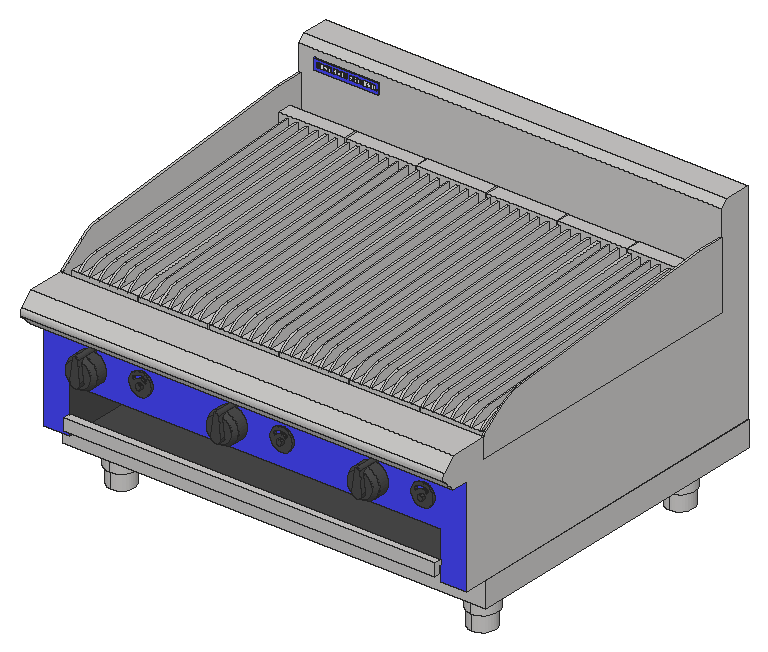
Revit family "QF_MOFFAT_BLUESEAL_CE_G596-B", category Specialty Equipment, Revit 2012
Parameters
  Weight in Pounds = 391  # constant formula
  URL Cutsheet = "www.moffat.com"
  URL = "www.moffat.com"
  Type Mark [instance] = ""
  Status [instance] = ""
  Specification by User [instance] = ""
  Specification by Manufacturer = ""
  Show Logo [instance] = yes
  Show Casters [instance] = yes
  Serial Number = ""
  Seismic Rating = ""
  SMACNA No = ""
  Revision Code [instance] = ""
  Omniclass Number and Title = ""
  NAFEM Spec ID Number = ""
  Model = "G596-B"
  Mechanical Remarks [instance] = ""
  Mechanical Connection Type [instance] = ""
  Masterspec = ""
  Manufacturer = "MOFFAT BLUESEAL"
  Legs [instance] = not(Show Casters)  # no
  Item Number [instance] = ""
  Installed By [instance] = ""
  Identify Quantity as Lot [instance] = yes
  Gas Size = 3/4"
  Gas RI Height [instance] = 0 mm
  Gas KW [instance] = 29.6
  Gas Input [instance] = 101000.0 Btu/h
  Gas Connection Height = 0 mm
  Furnished By [instance] = ""
  Foodservice Equipment Identifier [instance] = yes
  Description = "900MM GAS CHARGRILL BENCH MOUNT"
  CSI MasterFormat = ""
  CSI Master Format = ""
  Body Finish = QF_Finishes_Stainless Steel
Reference planes
  plane 1 "BACK": y = 0
  plane 2: z = 0
  plane 3 "LEFT": x = 0
  plane 4 "RIGHT": x = 900
  plane 5 "FRONT": y = -812
  plane 6 "TOP": z = 972
  plane 7 "Center Y": x = 450
  plane 8 "Center X": y = -406
  plane 9: y = -100
  plane 10: y = -625
  plane 11: z = 585
  plane 12: x = 65.5
  plane 13: x = 834.5
Forms (mm)
  Extrusion 1, solid, material "QF_Finishes_Stainless Steel" <- "Body Finish"
    sketch origin (0, 0, -500) x (0, 1, 0) y (0, 0, 1)
      loop
        line (0, 640) -> (0, 1085) -> (-57.5, 1085) -> (-70, 1072.5) -> (-70, 875) -> (-705, 875) -> (-705, 915) -> (-783.97, 915) -> (-808.485, 890.485)
        arc (-808.485, 890.485) -> (-811.999, 882) -> (-808.485, 873.515) r 12
        line (-808.485, 873.515) -> (-784.97, 850) -> (-749, 850) -> (-749, 640) -> (0, 640)
      loop
        line (0, 585) -> (0, 639.206) -> (-699, 639.206) -> (-699, 585) -> (0, 585)
    from 0 to 900
  Extrusion 2, solid, material "QF_Finishes_Stainless Steel" <- "Body Finish"
    sketch origin (0, 0, -342.612) x (0, 1, 0) y (0, 0, 1)
      loop
        line (-70, 717) -> (-70, 860.112) -> (-127.045, 860.112) -> (-604.53, 814.135)
        arc (-604.53, 814.135) -> (-629.557, 808.415) -> (-652.303, 796.511) r 100
        line (-652.303, 796.511) -> (-705, 759.612) -> (-705, 717) -> (-70, 717)
    from 0 to 4.5
  Extrusion 3, solid, material "QF_Finishes_Stainless Steel" <- "Body Finish"
    sketch origin (900, 0, 0) x (0, -1, 0) y (0, 0, 1)
      loop
        line (70, 374.388) -> (705, 374.388) -> (705, 417) -> (652.303, 453.899)
        arc (652.303, 453.899) -> (629.557, 465.803) -> (604.53, 471.523) r 100
        line (604.53, 471.523) -> (127.045, 517.5) -> (70, 517.5) -> (70, 374.388)
    from 0 to 3
  Revolve 4, solid, material "QF_Finishes_Black"
    sketch origin (108, 7, -344.2) x (0, 1, 0) y (0, 0, 1)
      loop
        line (-789, 671.5) -> (-800, 665.651) -> (-800, 639) -> (-756, 639) -> (-756, 644) -> (-766, 644) -> (-766, 671.5) -> (-789, 671.5)
      axis (-800, 639) -> (-756, 639)
    angle from 0 to 360
  Extrusion 5, solid, material "QF_Finishes_Black"
    sketch origin (-30.113, 7, -344.2) x (1, 0, 0) y (0, 0, 1)
      loop
        line (148.532, 628.195) -> (143.111, 671.113)
        arc (143.111, 671.113) -> (138.113, 676) -> (133.114, 671.113) r 5
        line (133.114, 671.113) -> (127.625, 627.028)
        arc (127.625, 627.028) -> (138.697, 616.529) -> (148.532, 628.195) r 10.487
    from 759 to 808
  Extrusion 6, solid, material "QF_Finishes_Stainless Steel"
    sketch origin (276, 0, -342) x (0, 1, 0) y (0, 0, 1)
      loop
        line (-132, 752.364) -> (-132, 804.849) -> (-637.852, 774.53)
        arc (-637.852, 774.53) -> (-663.098, 767.97) -> (-684, 752.364) r 67.81
        line (-684, 752.364) -> (-132, 752.364)
    from 0 to 4.5
  Extrusion 7, solid, material "QF_Finishes_Stainless Steel"
    sketch origin (255, 0, -342) x (0, 1, 0) y (0, 0, 1)
      loop
        line (-132, 752.364) -> (-132, 804.849) -> (-637.852, 774.53)
        arc (-637.852, 774.53) -> (-663.098, 767.97) -> (-684, 752.364) r 67.81
        line (-684, 752.364) -> (-132, 752.364)
    from 0 to 4.5
  Extrusion 8, solid, material "QF_Finishes_Stainless Steel"
    sketch origin (234, 0, -342) x (0, 1, 0) y (0, 0, 1)
      loop
        line (-132, 752.364) -> (-132, 804.849) -> (-637.852, 774.53)
        arc (-637.852, 774.53) -> (-663.098, 767.97) -> (-684, 752.364) r 67.81
        line (-684, 752.364) -> (-132, 752.364)
    from 0 to 4.5
  Extrusion 9, solid, material "QF_Finishes_Stainless Steel"
    sketch origin (213, 0, -342) x (0, 1, 0) y (0, 0, 1)
      loop
        line (-132, 752.364) -> (-132, 804.849) -> (-637.852, 774.53)
        arc (-637.852, 774.53) -> (-663.098, 767.97) -> (-684, 752.364) r 67.81
        line (-684, 752.364) -> (-132, 752.364)
    from 0 to 4.5
  Extrusion 10, solid, material "QF_Finishes_Stainless Steel"
    sketch origin (192, 0, -342) x (0, 1, 0) y (0, 0, 1)
      loop
        line (-132, 752.364) -> (-132, 804.849) -> (-637.852, 774.53)
        arc (-637.852, 774.53) -> (-663.098, 767.97) -> (-684, 752.364) r 67.81
        line (-684, 752.364) -> (-132, 752.364)
    from 0 to 4.5
  Extrusion 11, solid, material "QF_Finishes_Stainless Steel"
    sketch origin (171, 0, -342) x (0, 1, 0) y (0, 0, 1)
      loop
        line (-132, 752.364) -> (-132, 804.849) -> (-637.852, 774.53)
        arc (-637.852, 774.53) -> (-663.098, 767.97) -> (-684, 752.364) r 67.81
        line (-684, 752.364) -> (-132, 752.364)
    from 0 to 4.5
  Extrusion 12, solid, material "QF_Finishes_Stainless Steel"
    sketch origin (150, 0, -342) x (0, 1, 0) y (0, 0, 1)
      loop
        line (-132, 752.364) -> (-132, 804.849) -> (-637.852, 774.53)
        arc (-637.852, 774.53) -> (-663.098, 767.97) -> (-684, 752.364) r 67.81
        line (-684, 752.364) -> (-132, 752.364)
    from 0 to 4.5
  Extrusion 13, solid, material "QF_Finishes_Stainless Steel"
    sketch origin (126, 0, -342) x (0, 1, 0) y (0, 0, 1)
      loop
        line (-132, 752.364) -> (-132, 804.849) -> (-637.852, 774.53)
        arc (-637.852, 774.53) -> (-663.098, 767.97) -> (-684, 752.364) r 67.81
        line (-684, 752.364) -> (-132, 752.364)
    from 0 to 4.5
  Extrusion 14, solid, material "QF_Finishes_Stainless Steel"
    sketch origin (105, 0, -342) x (0, 1, 0) y (0, 0, 1)
      loop
        line (-132, 752.364) -> (-132, 804.849) -> (-637.852, 774.53)
        arc (-637.852, 774.53) -> (-663.098, 767.97) -> (-684, 752.364) r 67.81
        line (-684, 752.364) -> (-132, 752.364)
    from 0 to 4.5
  Extrusion 15, solid, material "QF_Finishes_Stainless Steel"
    sketch origin (84, 0, -342) x (0, 1, 0) y (0, 0, 1)
      loop
        line (-132, 752.364) -> (-132, 804.849) -> (-637.852, 774.53)
        arc (-637.852, 774.53) -> (-663.098, 767.97) -> (-684, 752.364) r 67.81
        line (-684, 752.364) -> (-132, 752.364)
    from 0 to 4.5
  Extrusion 16, solid, material "QF_Finishes_Stainless Steel"
    sketch origin (63, 0, -342) x (0, 1, 0) y (0, 0, 1)
      loop
        line (-132, 752.364) -> (-132, 804.849) -> (-637.852, 774.53)
        arc (-637.852, 774.53) -> (-663.098, 767.97) -> (-684, 752.364) r 67.81
        line (-684, 752.364) -> (-132, 752.364)
    from 0 to 4.5
  Extrusion 17, solid, material "QF_Finishes_Stainless Steel"
    sketch origin (42, 0, -342) x (0, 1, 0) y (0, 0, 1)
      loop
        line (-132, 752.364) -> (-132, 804.849) -> (-637.852, 774.53)
        arc (-637.852, 774.53) -> (-663.098, 767.97) -> (-684, 752.364) r 67.81
        line (-684, 752.364) -> (-132, 752.364)
    from 0 to 4.5
  Extrusion 18, solid, material "QF_Finishes_Stainless Steel"
    sketch origin (21, 0, -342) x (0, 1, 0) y (0, 0, 1)
      loop
        line (-132, 752.364) -> (-132, 804.849) -> (-637.852, 774.53)
        arc (-637.852, 774.53) -> (-663.098, 767.97) -> (-684, 752.364) r 67.81
        line (-684, 752.364) -> (-132, 752.364)
    from 0 to 4.5
  Extrusion 19, solid, material "QF_Finishes_Stainless Steel"
    sketch origin (426, 0, -342) x (0, 1, 0) y (0, 0, 1)
      loop
        line (-132, 752.364) -> (-132, 804.849) -> (-637.852, 774.53)
        arc (-637.852, 774.53) -> (-663.098, 767.97) -> (-684, 752.364) r 67.81
        line (-684, 752.364) -> (-132, 752.364)
    from 0 to 4.5
  Extrusion 20, solid, material "QF_Finishes_Stainless Steel"
    sketch origin (405, 0, -342) x (0, 1, 0) y (0, 0, 1)
      loop
        line (-132, 752.364) -> (-132, 804.849) -> (-637.852, 774.53)
        arc (-637.852, 774.53) -> (-663.098, 767.97) -> (-684, 752.364) r 67.81
        line (-684, 752.364) -> (-132, 752.364)
    from 0 to 4.5
  Extrusion 21, solid, material "QF_Finishes_Stainless Steel"
    sketch origin (384, 0, -342) x (0, 1, 0) y (0, 0, 1)
      loop
        line (-132, 752.364) -> (-132, 804.849) -> (-637.852, 774.53)
        arc (-637.852, 774.53) -> (-663.098, 767.97) -> (-684, 752.364) r 67.81
        line (-684, 752.364) -> (-132, 752.364)
    from 0 to 4.5
  Extrusion 22, solid, material "QF_Finishes_Stainless Steel"
    sketch origin (363, 0, -342) x (0, 1, 0) y (0, 0, 1)
      loop
        line (-132, 752.364) -> (-132, 804.849) -> (-637.852, 774.53)
        arc (-637.852, 774.53) -> (-663.098, 767.97) -> (-684, 752.364) r 67.81
        line (-684, 752.364) -> (-132, 752.364)
    from 0 to 4.5
  Extrusion 23, solid, material "QF_Finishes_Stainless Steel"
    sketch origin (342, 0, -342) x (0, 1, 0) y (0, 0, 1)
      loop
        line (-132, 752.364) -> (-132, 804.849) -> (-637.852, 774.53)
        arc (-637.852, 774.53) -> (-663.098, 767.97) -> (-684, 752.364) r 67.81
        line (-684, 752.364) -> (-132, 752.364)
    from 0 to 4.5
  Extrusion 24, solid, material "QF_Finishes_Stainless Steel"
    sketch origin (321, 0, -342) x (0, 1, 0) y (0, 0, 1)
      loop
        line (-132, 752.364) -> (-132, 804.849) -> (-637.852, 774.53)
        arc (-637.852, 774.53) -> (-663.098, 767.97) -> (-684, 752.364) r 67.81
        line (-684, 752.364) -> (-132, 752.364)
    from 0 to 4.5
  Extrusion 25, solid, material "QF_Finishes_Stainless Steel"
    sketch origin (300, 0, -342) x (0, 1, 0) y (0, 0, 1)
      loop
        line (-132, 752.364) -> (-132, 804.849) -> (-637.852, 774.53)
        arc (-637.852, 774.53) -> (-663.098, 767.97) -> (-684, 752.364) r 67.81
        line (-684, 752.364) -> (-132, 752.364)
    from 0 to 4.5
  Extrusion 26, solid, material "QF_Finishes_Stainless Steel"
    sketch origin (576, 0, -342) x (0, 1, 0) y (0, 0, 1)
      loop
        line (-132, 752.364) -> (-132, 804.849) -> (-637.852, 774.53)
        arc (-637.852, 774.53) -> (-663.098, 767.97) -> (-684, 752.364) r 67.81
        line (-684, 752.364) -> (-132, 752.364)
    from 0 to 4.5
  Extrusion 27, solid, material "QF_Finishes_Stainless Steel"
    sketch origin (555, 0, -342) x (0, 1, 0) y (0, 0, 1)
      loop
        line (-132, 752.364) -> (-132, 804.849) -> (-637.852, 774.53)
        arc (-637.852, 774.53) -> (-663.098, 767.97) -> (-684, 752.364) r 67.81
        line (-684, 752.364) -> (-132, 752.364)
    from 0 to 4.5
  Extrusion 28, solid, material "QF_Finishes_Stainless Steel"
    sketch origin (534, 0, -342) x (0, 1, 0) y (0, 0, 1)
      loop
        line (-132, 752.364) -> (-132, 804.849) -> (-637.852, 774.53)
        arc (-637.852, 774.53) -> (-663.098, 767.97) -> (-684, 752.364) r 67.81
        line (-684, 752.364) -> (-132, 752.364)
    from 0 to 4.5
  Extrusion 29, solid, material "QF_Finishes_Stainless Steel"
    sketch origin (513, 0, -342) x (0, 1, 0) y (0, 0, 1)
      loop
        line (-132, 752.364) -> (-132, 804.849) -> (-637.852, 774.53)
        arc (-637.852, 774.53) -> (-663.098, 767.97) -> (-684, 752.364) r 67.81
        line (-684, 752.364) -> (-132, 752.364)
    from 0 to 4.5
  Extrusion 30, solid, material "QF_Finishes_Stainless Steel"
    sketch origin (492, 0, -342) x (0, 1, 0) y (0, 0, 1)
      loop
        line (-132, 752.364) -> (-132, 804.849) -> (-637.852, 774.53)
        arc (-637.852, 774.53) -> (-663.098, 767.97) -> (-684, 752.364) r 67.81
        line (-684, 752.364) -> (-132, 752.364)
    from 0 to 4.5
  Extrusion 31, solid, material "QF_Finishes_Stainless Steel"
    sketch origin (471, 0, -342) x (0, 1, 0) y (0, 0, 1)
      loop
        line (-132, 752.364) -> (-132, 804.849) -> (-637.852, 774.53)
        arc (-637.852, 774.53) -> (-663.098, 767.97) -> (-684, 752.364) r 67.81
        line (-684, 752.364) -> (-132, 752.364)
    from 0 to 4.5
  Extrusion 32, solid, material "QF_Finishes_Stainless Steel"
    sketch origin (450, 0, -342) x (0, 1, 0) y (0, 0, 1)
      loop
        line (-132, 752.364) -> (-132, 804.849) -> (-637.852, 774.53)
        arc (-637.852, 774.53) -> (-663.098, 767.97) -> (-684, 752.364) r 67.81
        line (-684, 752.364) -> (-132, 752.364)
    from 0 to 4.5
  Extrusion 33, solid, material "QF_Finishes_Stainless Steel"
    sketch origin (0, 3, -500) x (1, 0, 0) y (0, 1, 0)
      loop
        circle (216, -37) r 13.5
    from 553 to 585
  Extrusion 34, solid, material "QF_Finishes_Stainless Steel"
    sketch origin (0, 0, -342) x (0, 1, 0) y (0, 0, 1)
      loop
        line (-132, 752.364) -> (-684, 752.364) -> (-684, 717) -> (-102, 717) -> (-102, 812) -> (-132, 812) -> (-132, 752.364)
    from 4.5 to 147
  Extrusion 35, solid, material "QF_Finishes_Stainless Steel"
    sketch origin (145.5, 0, -342) x (0, 1, 0) y (0, 0, 1)
      loop
        line (-132, 752.364) -> (-684, 752.364) -> (-684, 717) -> (-102, 717) -> (-102, 812) -> (-132, 812) -> (-132, 752.364)
    from 4.5 to 151.5
  Extrusion 36, solid, material "QF_Finishes_Stainless Steel"
    sketch origin (295.5, 0, -342) x (0, 1, 0) y (0, 0, 1)
      loop
        line (-132, 752.364) -> (-684, 752.364) -> (-684, 717) -> (-102, 717) -> (-102, 812) -> (-132, 812) -> (-132, 752.364)
    from 4.5 to 151.5
  Extrusion 37, solid, material "QF_Finishes_Stainless Steel"
    sketch origin (445.5, 0, -342) x (0, 1, 0) y (0, 0, 1)
      loop
        line (-132, 752.364) -> (-684, 752.364) -> (-684, 717) -> (-102, 717) -> (-102, 812) -> (-132, 812) -> (-132, 752.364)
    from 4.5 to 151.5
  Extrusion 38, solid, material "QF_Finishes_Black"
    sketch origin (0, -749, 350) x (0, 0, -1) y (1, 0, 0)
      loop
        circle (55.799, 208) r 23.9
      loop
        arc (48.44, 216.419) -> (49.3, 221.219) -> (44.5, 222.079) r 3.448
        arc (44.5, 222.079) -> (37.915, 207.341) -> (45.718, 193.209) r 18.095
        arc (45.718, 193.209) -> (50.44, 194.491) -> (49.125, 199.204) r 3.448
        arc (49.125, 199.204) -> (45.557, 207.683) -> (48.44, 216.419) r 13.109
      loop
        circle (55.799, 808) r 23.9
      loop
        arc (44.5, 822.079) -> (37.915, 807.341) -> (45.718, 793.209) r 18.095
        arc (45.718, 793.209) -> (50.44, 794.491) -> (49.125, 799.204) r 3.448
        arc (49.125, 799.204) -> (45.557, 807.683) -> (48.44, 816.419) r 13.109
        arc (48.44, 816.419) -> (49.3, 821.219) -> (44.5, 822.079) r 3.448
      loop
        circle (55.799, 508) r 23.9
      loop
        arc (44.5, 522.079) -> (37.915, 507.341) -> (45.718, 493.209) r 18.095
        arc (45.718, 493.209) -> (50.44, 494.491) -> (49.125, 499.204) r 3.448
        arc (49.125, 499.204) -> (45.557, 507.683) -> (48.44, 516.419) r 13.109
        arc (48.44, 516.419) -> (49.3, 521.219) -> (44.5, 522.079) r 3.448
    from 0 to 4
  Extrusion 39, solid, material "QF_Finishes_Black"
    sketch origin (0, -753, 350) x (0, 0, -1) y (1, 0, 0)
      loop
        circle (59.299, 208) r 5.75
      loop
        circle (59.299, 508) r 5.75
      loop
        circle (59.299, 808) r 5.75
    from 0 to 5
  Revolve 40, solid, material "QF_Finishes_Black"
    sketch origin (408, 7, -344.2) x (0, 1, 0) y (0, 0, 1)
      loop
        line (-789, 671.5) -> (-800, 665.651) -> (-800, 639) -> (-756, 639) -> (-756, 644) -> (-766, 644) -> (-766, 671.5) -> (-789, 671.5)
      axis (-800, 639) -> (-756, 639)
    angle from 0 to 360
  Extrusion 41, solid, material "QF_Finishes_Black"
    sketch origin (269.887, 7, -344.2) x (1, 0, 0) y (0, 0, 1)
      loop
        line (148.532, 628.195) -> (143.111, 671.113)
        arc (143.111, 671.113) -> (138.113, 676) -> (133.114, 671.113) r 5
        line (133.114, 671.113) -> (127.625, 627.028)
        arc (127.625, 627.028) -> (138.697, 616.529) -> (148.532, 628.195) r 10.487
    from 759 to 808
  Extrusion 42, void
    sketch origin (0, -749, 350) x (0, 0, 1) y (1, 0, 0)
      loop
        line (-210, 845) -> (-210, 55) -> (-110, 55) -> (-110, 845) -> (-210, 845)
    from 0 to 250
  Extrusion 43, solid, material "QF_Finishes_Stainless Steel"
    sketch origin (55, -749, 140) x (0, 0, 1) y (0, -1, 0)
      loop
        line (16.797, 15.924) -> (16.797, 5.924) -> (31.797, 5.924) -> (31.797, -31.346) -> (0, -31.346) -> (0, -50) -> (41.797, -50) -> (41.797, 15.924) -> (16.797, 15.924)
    from 0 to 790
  Revolve 44, solid, material "QF_Finishes_Stainless Steel" <- "Body Finish"
    sketch origin (834.5, -735, 0) x (0, 1, 0) y (0, 0, -1)
      loop
        line (78.25, -85) -> (110, -85) -> (110, 0) -> (82.5, 0) -> (82.5, -35) -> (78.25, -35) -> (78.25, -85)
      axis (110, -85) -> (110, 0)
    angle from 0 to 360
  Revolve 45, solid, material "QF_Finishes_Stainless Steel" <- "Body Finish"
    sketch origin (834.5, -210, 0) x (0, 1, 0) y (0, 0, -1)
      loop
        line (78.25, -85) -> (110, -85) -> (110, 0) -> (82.5, 0) -> (82.5, -35) -> (78.25, -35) -> (78.25, -85)
      axis (110, -85) -> (110, 0)
    angle from 0 to 360
  Revolve 46, solid, material "QF_Finishes_Stainless Steel" <- "Body Finish"
    sketch origin (65.5, -735, 0) x (0, 1, 0) y (0, 0, 1)
      loop
        line (78.25, 85) -> (78.25, 35) -> (82.5, 35) -> (82.5, 0) -> (110, 0) -> (110, 85) -> (78.25, 85)
      axis (110, 85) -> (110, 0)
    angle from 0 to 360
  Revolve 47, solid, material "QF_Finishes_Stainless Steel" <- "Body Finish"
    sketch origin (65.5, -210, 0) x (0, 1, 0) y (0, 0, 1)
      loop
        line (78.25, 85) -> (78.25, 35) -> (82.5, 35) -> (82.5, 0) -> (110, 0) -> (110, 85) -> (78.25, 85)
      axis (110, 85) -> (110, 0)
    angle from 0 to 360
  Extrusion 48, solid, material "QF_Finishes_Stainless Steel"
    sketch origin (726, 0, -342) x (0, 1, 0) y (0, 0, 1)
      loop
        line (-132, 752.364) -> (-132, 804.849) -> (-637.852, 774.53)
        arc (-637.852, 774.53) -> (-663.098, 767.97) -> (-684, 752.364) r 67.81
        line (-684, 752.364) -> (-132, 752.364)
    from 0 to 4.5
  Extrusion 49, solid, material "QF_Finishes_Stainless Steel"
    sketch origin (705, 0, -342) x (0, 1, 0) y (0, 0, 1)
      loop
        line (-132, 752.364) -> (-132, 804.849) -> (-637.852, 774.53)
        arc (-637.852, 774.53) -> (-663.098, 767.97) -> (-684, 752.364) r 67.81
        line (-684, 752.364) -> (-132, 752.364)
    from 0 to 4.5
  Extrusion 50, solid, material "QF_Finishes_Stainless Steel"
    sketch origin (684, 0, -342) x (0, 1, 0) y (0, 0, 1)
      loop
        line (-132, 752.364) -> (-132, 804.849) -> (-637.852, 774.53)
        arc (-637.852, 774.53) -> (-663.098, 767.97) -> (-684, 752.364) r 67.81
        line (-684, 752.364) -> (-132, 752.364)
    from 0 to 4.5
  Extrusion 51, solid, material "QF_Finishes_Stainless Steel"
    sketch origin (663, 0, -342) x (0, 1, 0) y (0, 0, 1)
      loop
        line (-132, 752.364) -> (-132, 804.849) -> (-637.852, 774.53)
        arc (-637.852, 774.53) -> (-663.098, 767.97) -> (-684, 752.364) r 67.81
        line (-684, 752.364) -> (-132, 752.364)
    from 0 to 4.5
  Extrusion 52, solid, material "QF_Finishes_Stainless Steel"
    sketch origin (642, 0, -342) x (0, 1, 0) y (0, 0, 1)
      loop
        line (-132, 752.364) -> (-132, 804.849) -> (-637.852, 774.53)
        arc (-637.852, 774.53) -> (-663.098, 767.97) -> (-684, 752.364) r 67.81
        line (-684, 752.364) -> (-132, 752.364)
    from 0 to 4.5
  Extrusion 53, solid, material "QF_Finishes_Stainless Steel"
    sketch origin (621, 0, -342) x (0, 1, 0) y (0, 0, 1)
      loop
        line (-132, 752.364) -> (-132, 804.849) -> (-637.852, 774.53)
        arc (-637.852, 774.53) -> (-663.098, 767.97) -> (-684, 752.364) r 67.81
        line (-684, 752.364) -> (-132, 752.364)
    from 0 to 4.5
  Extrusion 54, solid, material "QF_Finishes_Stainless Steel"
    sketch origin (600, 0, -342) x (0, 1, 0) y (0, 0, 1)
      loop
        line (-132, 752.364) -> (-132, 804.849) -> (-637.852, 774.53)
        arc (-637.852, 774.53) -> (-663.098, 767.97) -> (-684, 752.364) r 67.81
        line (-684, 752.364) -> (-132, 752.364)
    from 0 to 4.5
  Extrusion 55, solid, material "QF_Finishes_Stainless Steel"
    sketch origin (595.5, 0, -342) x (0, 1, 0) y (0, 0, 1)
      loop
        line (-132, 752.364) -> (-684, 752.364) -> (-684, 717) -> (-102, 717) -> (-102, 812) -> (-132, 812) -> (-132, 752.364)
    from 4.5 to 151.5
  Extrusion 56, solid, material "QF_Finishes_Stainless Steel"
    sketch origin (876, 0, -342) x (0, 1, 0) y (0, 0, 1)
      loop
        line (-132, 752.364) -> (-132, 804.849) -> (-637.852, 774.53)
        arc (-637.852, 774.53) -> (-663.098, 767.97) -> (-684, 752.364) r 67.81
        line (-684, 752.364) -> (-132, 752.364)
    from 0 to 4.5
  Extrusion 57, solid, material "QF_Finishes_Stainless Steel"
    sketch origin (855, 0, -342) x (0, 1, 0) y (0, 0, 1)
      loop
        line (-132, 752.364) -> (-132, 804.849) -> (-637.852, 774.53)
        arc (-637.852, 774.53) -> (-663.098, 767.97) -> (-684, 752.364) r 67.81
        line (-684, 752.364) -> (-132, 752.364)
    from 0 to 4.5
  Extrusion 58, solid, material "QF_Finishes_Stainless Steel"
    sketch origin (834, 0, -342) x (0, 1, 0) y (0, 0, 1)
      loop
        line (-132, 752.364) -> (-132, 804.849) -> (-637.852, 774.53)
        arc (-637.852, 774.53) -> (-663.098, 767.97) -> (-684, 752.364) r 67.81
        line (-684, 752.364) -> (-132, 752.364)
    from 0 to 4.5
  Extrusion 59, solid, material "QF_Finishes_Stainless Steel"
    sketch origin (813, 0, -342) x (0, 1, 0) y (0, 0, 1)
      loop
        line (-132, 752.364) -> (-132, 804.849) -> (-637.852, 774.53)
        arc (-637.852, 774.53) -> (-663.098, 767.97) -> (-684, 752.364) r 67.81
        line (-684, 752.364) -> (-132, 752.364)
    from 0 to 4.5
  Extrusion 60, solid, material "QF_Finishes_Stainless Steel"
    sketch origin (792, 0, -342) x (0, 1, 0) y (0, 0, 1)
      loop
        line (-132, 752.364) -> (-132, 804.849) -> (-637.852, 774.53)
        arc (-637.852, 774.53) -> (-663.098, 767.97) -> (-684, 752.364) r 67.81
        line (-684, 752.364) -> (-132, 752.364)
    from 0 to 4.5
  Extrusion 61, solid, material "QF_Finishes_Stainless Steel"
    sketch origin (771, 0, -342) x (0, 1, 0) y (0, 0, 1)
      loop
        line (-132, 752.364) -> (-132, 804.849) -> (-637.852, 774.53)
        arc (-637.852, 774.53) -> (-663.098, 767.97) -> (-684, 752.364) r 67.81
        line (-684, 752.364) -> (-132, 752.364)
    from 0 to 4.5
  Extrusion 62, solid, material "QF_Finishes_Stainless Steel"
    sketch origin (750, 0, -342) x (0, 1, 0) y (0, 0, 1)
      loop
        line (-132, 752.364) -> (-132, 804.849) -> (-637.852, 774.53)
        arc (-637.852, 774.53) -> (-663.098, 767.97) -> (-684, 752.364) r 67.81
        line (-684, 752.364) -> (-132, 752.364)
    from 0 to 4.5
  Extrusion 63, solid, material "QF_Finishes_Stainless Steel"
    sketch origin (745.5, 0, -342) x (0, 1, 0) y (0, 0, 1)
      loop
        line (-132, 752.364) -> (-684, 752.364) -> (-684, 717) -> (-102, 717) -> (-102, 812) -> (-132, 812) -> (-132, 752.364)
    from 4.5 to 151.5
  Extrusion 64, void
    sketch origin (0, -749, 350) x (0, 0, 1) y (1, 0, 0)
      loop
        line (-210, 845) -> (-210, 55) -> (-110, 55) -> (-110, 845) -> (-210, 845)
    from 0 to 250
  Revolve 65, solid, material "QF_Finishes_Black"
    sketch origin (708, 7, -344.2) x (0, 1, 0) y (0, 0, 1)
      loop
        line (-789, 671.5) -> (-800, 665.651) -> (-800, 639) -> (-756, 639) -> (-756, 644) -> (-766, 644) -> (-766, 671.5) -> (-789, 671.5)
      axis (-800, 639) -> (-756, 639)
    angle from 0 to 360
  Extrusion 66, solid, material "QF_Finishes_Black"
    sketch origin (569.887, 7, -344.2) x (1, 0, 0) y (0, 0, 1)
      loop
        line (148.532, 628.195) -> (143.111, 671.113)
        arc (143.111, 671.113) -> (138.113, 676) -> (133.114, 671.113) r 5
        line (133.114, 671.113) -> (127.625, 627.028)
        arc (127.625, 627.028) -> (138.697, 616.529) -> (148.532, 628.195) r 10.487
    from 759 to 808
Cuts and joins
  Extrusion 42, Extrusion 64 cuts Extrusion 43
  Extrusion 64 cuts Extrusion 1
Lines and regions (mm)
  Split face 1
    outline origin (600, 0, 585) x (-1, 0, 0) y (0, -1, 0)
      loop
        arc (556, 18.185) -> (564.66, 23.185) -> (564.66, 33.185) r 10
        line (564.66, 33.185) -> (560.619, 40.185)
        arc (560.619, 40.185) -> (556.959, 43.845) -> (551.959, 45.185) r 10
        line (551.959, 45.185) -> (324, 45.185)
        arc (324, 45.185) -> (315.34, 40.185) -> (315.34, 30.185) r 10
        line (315.34, 30.185) -> (319.381, 23.185)
        arc (319.381, 23.185) -> (323.041, 19.525) -> (328.041, 18.185) r 10
        line (328.041, 18.185) -> (556, 18.185)
  Split face 2
    outline origin (600, 0, 585) x (-1, 0, 0) y (0, -1, 0)
      loop
        arc (-44, 18.185) -> (-35.34, 23.185) -> (-35.34, 33.185) r 10
        line (-35.34, 33.185) -> (-39.381, 40.185)
        arc (-39.381, 40.185) -> (-43.041, 43.845) -> (-48.041, 45.185) r 10
        line (-48.041, 45.185) -> (-276, 45.185)
        arc (-276, 45.185) -> (-284.66, 40.185) -> (-284.66, 30.185) r 10
        line (-284.66, 30.185) -> (-280.619, 23.185)
        arc (-280.619, 23.185) -> (-276.959, 19.525) -> (-271.959, 18.185) r 10
        line (-271.959, 18.185) -> (-44, 18.185)
  Split face 3
    outline origin (892.021, 0, 585) x (-1, 0, 0) y (0, -1, 0)
      loop
        arc (556, 18.185) -> (564.66, 23.185) -> (564.66, 33.185) r 10
        line (564.66, 33.185) -> (560.619, 40.185)
        arc (560.619, 40.185) -> (556.959, 43.845) -> (551.959, 45.185) r 10
        line (551.959, 45.185) -> (324, 45.185)
        arc (324, 45.185) -> (315.34, 40.185) -> (315.34, 30.185) r 10
        line (315.34, 30.185) -> (319.381, 23.185)
        arc (319.381, 23.185) -> (323.041, 19.525) -> (328.041, 18.185) r 10
        line (328.041, 18.185) -> (556, 18.185)
  symbolic lines
    curve 1: line (0, 0, 0) -> (900, 0, 0)
    curve 2: line (0, -811.999, 0) -> (0, 0, 0)
    curve 3: line (900, -811.999, 0) -> (0, -811.999, 0)
    curve 4: line (900, 0, 0) -> (900, -811.999, 0)
    curve 5: line (336.021, -18.185, 0) -> (563.979, -18.185, 0)
    curve 6: arc (563.979, -18.185, 0) -> (568.979, -19.525, 0) -> (572.64, -23.185, 0) r 10
    curve 7: line (572.64, -23.185, 0) -> (576.681, -30.185, 0)
    curve 8: arc (576.681, -30.185, 0) -> (576.681, -40.185, 0) -> (568.021, -45.185, 0) r 10
    curve 9: line (568.021, -45.185, 0) -> (340.062, -45.185, 0)
    curve 10: arc (340.062, -45.185, 0) -> (335.062, -43.845, 0) -> (331.402, -40.185, 0) r 10
    curve 11: line (331.402, -40.185, 0) -> (327.36, -33.185, 0)
    curve 12: arc (327.36, -33.185, 0) -> (327.36, -23.185, 0) -> (336.021, -18.185, 0) r 10
    curve 13: line (871.959, -18.185, 0) -> (644, -18.185, 0)
    curve 14: arc (644, -18.185, 0) -> (635.34, -23.185, 0) -> (635.34, -33.185, 0) r 10
    curve 15: line (635.34, -33.185, 0) -> (639.381, -40.185, 0)
    curve 16: arc (639.381, -40.185, 0) -> (643.041, -43.845, 0) -> (648.041, -45.185, 0) r 10
    curve 17: line (648.041, -45.185, 0) -> (876, -45.185, 0)
    curve 18: arc (876, -45.185, 0) -> (884.66, -40.185, 0) -> (884.66, -30.185, 0) r 10
    curve 19: line (884.66, -30.185, 0) -> (880.619, -23.185, 0)
    curve 20: arc (880.619, -23.185, 0) -> (876.959, -19.525, 0) -> (871.959, -18.185, 0) r 10
    curve 21: line (271.959, -18.185, 0) -> (44, -18.185, 0)
    curve 22: arc (44, -18.185, 0) -> (35.34, -23.185, 0) -> (35.34, -33.185, 0) r 10
    curve 23: line (35.34, -33.185, 0) -> (39.381, -40.185, 0)
    curve 24: arc (39.381, -40.185, 0) -> (43.041, -43.845, 0) -> (48.041, -45.185, 0) r 10
    curve 25: line (48.041, -45.185, 0) -> (276, -45.185, 0)
    curve 26: arc (276, -45.185, 0) -> (284.66, -40.185, 0) -> (284.66, -30.185, 0) r 10
    curve 27: line (284.66, -30.185, 0) -> (280.619, -23.185, 0)
    curve 28: arc (280.619, -23.185, 0) -> (276.959, -19.525, 0) -> (271.959, -18.185, 0) r 10
    curve 29: line (0, -57.5, 0) -> (900, -57.5, 0)
    curve 30: line (0, -70, 0) -> (900, -70, 0)
    curve 31: line (900, -705, 0) -> (0, -705, 0)
    curve 32: line (0, -783.97, 0) -> (900, -783.97, 0)
    curve 33: line (4.5, -684, 0) -> (147, -684, 0)
    curve 34: line (150, -684, 0) -> (297, -684, 0)
    curve 35: line (300, -684, 0) -> (447, -684, 0)
    curve 36: line (450, -684, 0) -> (597, -684, 0)
    curve 37: line (600, -684, 0) -> (747, -684, 0)
    curve 38: line (750, -684, 0) -> (897, -684, 0)
    curve 39: line (897, -102, 0) -> (750, -102, 0)
    curve 40: line (747, -102, 0) -> (600, -102, 0)
    curve 41: line (897, -70, 0) -> (897, -705, 0)
    curve 42: line (4.5, -705, 0) -> (4.5, -70, 0)
    curve 43: line (147, -102, 0) -> (4.5, -102, 0)
    curve 44: line (297, -102, 0) -> (150, -102, 0)
    curve 45: line (447, -102, 0) -> (300, -102, 0)
    curve 46: line (597, -102, 0) -> (450, -102, 0)
    curve 47: line (147, -684, 0) -> (147, -102, 0)
    curve 48: line (150, -102, 0) -> (150, -684, 0)
    curve 49: line (297, -684, 0) -> (297, -102, 0)
    curve 50: line (300, -102, 0) -> (300, -684, 0)
    curve 51: line (447, -684, 0) -> (447, -102, 0)
    curve 52: line (450, -102, 0) -> (450, -684, 0)
    curve 53: line (597, -684, 0) -> (597, -102, 0)
    curve 54: line (600, -102, 0) -> (600, -684, 0)
    curve 55: line (747, -684, 0) -> (747, -102, 0)
    curve 56: line (750, -102, 0) -> (750, -684, 0)
    curve 57: line (21, -132, 0) -> (21, -684, 0)
    curve 58: line (42, -132, 0) -> (42, -684, 0)
    curve 59: line (63, -132, 0) -> (63, -684, 0)
    curve 60: line (84, -132, 0) -> (84, -684, 0)
    curve 61: line (105, -132, 0) -> (105, -684, 0)
    curve 62: line (126, -132, 0) -> (126, -684, 0)
    curve 63: line (154.5, -684, 0) -> (154.5, -132, 0)
    curve 64: line (175.5, -684, 0) -> (175.5, -132, 0)
    curve 65: line (196.5, -684, 0) -> (196.5, -132, 0)
    curve 66: line (217.5, -684, 0) -> (217.5, -132, 0)
    curve 67: line (238.5, -684, 0) -> (238.5, -132, 0)
    curve 68: line (259.5, -684, 0) -> (259.5, -132, 0)
    curve 69: line (280.5, -684, 0) -> (280.5, -132, 0)
    curve 70: line (304.5, -684, 0) -> (304.5, -132, 0)
    curve 71: line (325.5, -684, 0) -> (325.5, -132, 0)
    curve 72: line (346.5, -684, 0) -> (346.5, -132, 0)
    curve 73: line (367.5, -684, 0) -> (367.5, -132, 0)
    curve 74: line (388.5, -684, 0) -> (388.5, -132, 0)
    curve 75: line (409.5, -684, 0) -> (409.5, -132, 0)
    curve 76: line (430.5, -684, 0) -> (430.5, -132, 0)
    curve 77: line (454.5, -684, 0) -> (454.5, -132, 0)
    curve 78: line (475.5, -684, 0) -> (475.5, -132, 0)
    curve 79: line (496.5, -684, 0) -> (496.5, -132, 0)
    curve 80: line (517.5, -684, 0) -> (517.5, -132, 0)
    curve 81: line (538.5, -684, 0) -> (538.5, -132, 0)
    curve 82: line (559.5, -684, 0) -> (559.5, -132, 0)
    curve 83: line (580.5, -684, 0) -> (580.5, -132, 0)
    curve 84: line (604.5, -684, 0) -> (604.5, -132, 0)
    curve 85: line (625.5, -684, 0) -> (625.5, -132, 0)
    curve 86: line (646.5, -684, 0) -> (646.5, -132, 0)
    curve 87: line (667.5, -684, 0) -> (667.5, -132, 0)
    curve 88: line (688.5, -684, 0) -> (688.5, -132, 0)
    curve 89: line (709.5, -684, 0) -> (709.5, -132, 0)
    curve 90: line (730.5, -684, 0) -> (730.5, -132, 0)
    curve 91: line (754.5, -684, 0) -> (754.5, -132, 0)
    curve 92: line (775.5, -684, 0) -> (775.5, -132, 0)
    curve 93: line (796.5, -684, 0) -> (796.5, -132, 0)
    curve 94: line (817.5, -684, 0) -> (817.5, -132, 0)
    curve 95: line (838.5, -684, 0) -> (838.5, -132, 0)
    curve 96: line (859.5, -684, 0) -> (859.5, -132, 0)
    curve 97: line (880.5, -684, 0) -> (880.5, -132, 0)
    curve 98: line (750, -132, 0) -> (897, -132, 0)
    curve 99: line (600, -132, 0) -> (747, -132, 0)
    curve 100: line (450, -132, 0) -> (597, -132, 0)
    curve 101: line (150, -132, 0) -> (297, -132, 0)
    curve 102: line (4.5, -132, 0) -> (147, -132, 0)
    curve 103: line (300, -132, 0) -> (447, -132, 0)
Dimensions and locks
  equal spacing: plane 3 "LEFT", plane 7 "Center Y", plane 4 "RIGHT"
  plane 3 "LEFT" to plane 4 "RIGHT" = 900 mm
  equal spacing: plane 5 "FRONT", plane 8 "Center X", plane 1 "BACK"
  plane 5 "FRONT" to plane 1 "BACK" = 812 mm  (x2)
  equal spacing: plane 4 "RIGHT", plane 7 "Center Y", plane 3 "LEFT"
  plane 4 "RIGHT" to plane 3 "LEFT" = 900 mm
  locked: plane 11 to level at 585
  plane 12 to plane 13 = 769 mm
  plane 2 to Extrusion 33 = 53 mm
  Extrusion 33 sketch curve to plane 1 "BACK" = 34 mm
  plane 3 "LEFT" to Extrusion 33 sketch curve = 216 mm
  cut or joined group of Extrusion 1, Extrusion 64 to plane 2 = 415 mm
  plane 2 to cut or joined group of Extrusion 1, Extrusion 64 = 85 mm
  plane 11 to plane 2 = 585 mm
  plane 1 "BACK" to cut or joined group of Extrusion 1, Extrusion 64 = 70 mm
  plane 1 "BACK" to plane 5 "FRONT" = 812 mm
  plane 1 "BACK" to plane 9 = 100 mm
  plane 9 to plane 10 = 525 mm
  aligned and locked: level to plane 2
Automatic sketch dimensions
  Extrusion 1 sketch curve to plane 11 = 0 mm
  Extrusion 1 sketch curve to plane 1 "BACK" = 0 mm  (x2)
  Extrusion 1 sketch curve to plane 9 = 42.5 mm
  Extrusion 1 sketch curve to plane 9 = 30 mm
  plane 10 to Extrusion 1 sketch curve = 74 mm
  plane 10 to Extrusion 1 sketch curve = 80 mm
  Extrusion 1 sketch curve to Extrusion 1 sketch curve = 50 mm
  Extrusion 1 sketch curve to plane 5 "FRONT" = 28.03 mm
  Extrusion 1 sketch curve to plane 5 "FRONT" = 27.03 mm
  Extrusion 1 sketch curve to plane 5 "FRONT" = 12.001 mm
  Extrusion 1 sketch curve to plane 5 "FRONT" = 3.515 mm  (x2)
  Extrusion 1 sketch curve to plane 11 = 12.5 mm
  Extrusion 1 sketch curve to plane 11 = 170 mm
  Extrusion 1 sketch curve to Extrusion 1 sketch curve = 24.515 mm
  Extrusion 1 sketch curve to Extrusion 1 sketch curve = 8.485 mm
  Extrusion 1 sketch curve to Extrusion 1 sketch curve = 40 mm
  Extrusion 1 sketch curve to Extrusion 1 sketch curve = 25 mm
  level to Extrusion 1 sketch curve = 140 mm
  Extrusion 1 sketch curve to Extrusion 1 sketch curve = 0.794 mm
  Extrusion 1 sketch curve to Extrusion 1 sketch curve = 54.206 mm
  plane 10 to Extrusion 2 sketch curve = 80 mm
  plane 10 to Extrusion 2 sketch curve = 27.303 mm
  Extrusion 2 sketch curve to plane 10 = 20.47 mm
  Extrusion 2 sketch curve to plane 10 = 30.055 mm
  plane 9 to Extrusion 2 sketch curve = 27.045 mm
  Extrusion 2 sketch curve to plane 9 = 30 mm
  Extrusion 2 sketch curve to plane 11 = 213.016 mm
  Extrusion 2 sketch curve to Extrusion 2 sketch curve = 2.405 mm
  Extrusion 2 sketch curve to Extrusion 2 sketch curve = 42.612 mm
  Extrusion 2 sketch curve to Extrusion 2 sketch curve = 36.899 mm
  Extrusion 2 sketch curve to plane 11 = 67.5 mm
  Extrusion 3 sketch curve to plane 9 = 30 mm
  plane 9 to Extrusion 3 sketch curve = 27.045 mm
  Extrusion 3 sketch curve to plane 10 = 30.055 mm
  Extrusion 3 sketch curve to plane 10 = 20.47 mm
  plane 10 to Extrusion 3 sketch curve = 27.303 mm
  plane 10 to Extrusion 3 sketch curve = 80 mm
  Extrusion 3 sketch curve to plane 11 = 213.016 mm
  Extrusion 3 sketch curve to Extrusion 3 sketch curve = 2.405 mm
  Extrusion 3 sketch curve to Extrusion 3 sketch curve = 42.612 mm
  Extrusion 3 sketch curve to Extrusion 3 sketch curve = 36.899 mm
  Extrusion 3 sketch curve to plane 11 = 67.5 mm
  Revolve 4 sketch curve to plane 5 "FRONT" = 19 mm
  Revolve 4 sketch curve to Revolve 4 sketch curve = 0 mm  (x2)
  Revolve 4 sketch curve to Revolve 4 sketch curve = 11 mm
  Revolve 4 sketch curve to Revolve 4 sketch curve = 12.7 mm
  Revolve 4 sketch curve to Revolve 4 sketch curve = 23 mm
  Revolve 4 sketch curve to Revolve 4 sketch curve = 10 mm
  Revolve 4 sketch curve to plane 11 = 290.2 mm
  Revolve 4 sketch curve to Revolve 4 sketch curve = 5 mm
  Revolve 4 sketch curve to Revolve 4 sketch curve = 26.651 mm
  Revolve 4 sketch curve to Revolve 4 sketch curve = 5.849 mm
  plane 3 "LEFT" to Extrusion 5 sketch curve = 97.513 mm
  Extrusion 5 sketch curve to Extrusion 5 sketch curve = 5.489 mm
  Extrusion 5 sketch curve to Extrusion 5 sketch curve = 4.999 mm  (x2)
  Extrusion 5 sketch curve to Extrusion 5 sketch curve = 10.487 mm
  Extrusion 5 sketch curve to Extrusion 5 sketch curve = 10.419 mm
  level to Extrusion 5 sketch curve = 282.8 mm
  Extrusion 5 sketch curve to Extrusion 5 sketch curve = 0.028 mm
  Extrusion 5 sketch curve to Extrusion 5 sketch curve = 44 mm
  Extrusion 5 sketch curve to Extrusion 5 sketch curve = 0.113 mm
  plane 10 to Extrusion 6 sketch curve = 59 mm
  plane 10 to Extrusion 6 sketch curve = 12.852 mm
  plane 10 to Extrusion 6 sketch curve = 8.738 mm
  plane 9 to Extrusion 6 sketch curve = 32 mm
  Extrusion 6 sketch curve to plane 11 = 220.155 mm
  Extrusion 6 sketch curve to plane 11 = 174.636 mm
  Extrusion 6 sketch curve to Extrusion 6 sketch curve = 52.486 mm
  plane 10 to Extrusion 7 sketch curve = 59 mm
  plane 10 to Extrusion 7 sketch curve = 12.852 mm
  plane 10 to Extrusion 7 sketch curve = 8.738 mm
  plane 9 to Extrusion 7 sketch curve = 32 mm
  Extrusion 7 sketch curve to plane 11 = 220.155 mm
  Extrusion 7 sketch curve to plane 11 = 174.636 mm
  Extrusion 7 sketch curve to Extrusion 7 sketch curve = 52.486 mm
  plane 10 to Extrusion 8 sketch curve = 59 mm
  plane 10 to Extrusion 8 sketch curve = 12.852 mm
  plane 10 to Extrusion 8 sketch curve = 8.738 mm
  plane 9 to Extrusion 8 sketch curve = 32 mm
  Extrusion 8 sketch curve to plane 11 = 220.155 mm
  Extrusion 8 sketch curve to plane 11 = 174.636 mm
  Extrusion 8 sketch curve to Extrusion 8 sketch curve = 52.486 mm
  plane 10 to Extrusion 9 sketch curve = 59 mm
  plane 10 to Extrusion 9 sketch curve = 12.852 mm
  plane 10 to Extrusion 9 sketch curve = 8.738 mm
  plane 9 to Extrusion 9 sketch curve = 32 mm
  Extrusion 9 sketch curve to plane 11 = 220.155 mm
  Extrusion 9 sketch curve to plane 11 = 174.636 mm
  Extrusion 9 sketch curve to Extrusion 9 sketch curve = 52.486 mm
  plane 10 to Extrusion 10 sketch curve = 59 mm
  plane 10 to Extrusion 10 sketch curve = 12.852 mm
  plane 10 to Extrusion 10 sketch curve = 8.738 mm
  plane 9 to Extrusion 10 sketch curve = 32 mm
  Extrusion 10 sketch curve to plane 11 = 220.155 mm
  Extrusion 10 sketch curve to plane 11 = 174.636 mm
  Extrusion 10 sketch curve to Extrusion 10 sketch curve = 52.486 mm
  plane 10 to Extrusion 11 sketch curve = 59 mm
  plane 10 to Extrusion 11 sketch curve = 12.852 mm
  plane 10 to Extrusion 11 sketch curve = 8.738 mm
  plane 9 to Extrusion 11 sketch curve = 32 mm
  Extrusion 11 sketch curve to plane 11 = 220.155 mm
  Extrusion 11 sketch curve to plane 11 = 174.636 mm
  Extrusion 11 sketch curve to Extrusion 11 sketch curve = 52.486 mm
  plane 10 to Extrusion 12 sketch curve = 59 mm
  plane 10 to Extrusion 12 sketch curve = 12.852 mm
  plane 10 to Extrusion 12 sketch curve = 8.738 mm
  plane 9 to Extrusion 12 sketch curve = 32 mm
  Extrusion 12 sketch curve to plane 11 = 220.155 mm
  Extrusion 12 sketch curve to plane 11 = 174.636 mm
  Extrusion 12 sketch curve to Extrusion 12 sketch curve = 52.486 mm
  plane 10 to Extrusion 13 sketch curve = 59 mm
  plane 10 to Extrusion 13 sketch curve = 12.852 mm
  plane 10 to Extrusion 13 sketch curve = 8.738 mm
  plane 9 to Extrusion 13 sketch curve = 32 mm
  Extrusion 13 sketch curve to plane 11 = 220.155 mm
  Extrusion 13 sketch curve to plane 11 = 174.636 mm
  Extrusion 13 sketch curve to Extrusion 13 sketch curve = 52.486 mm
  plane 10 to Extrusion 14 sketch curve = 59 mm
  plane 10 to Extrusion 14 sketch curve = 12.852 mm
  plane 10 to Extrusion 14 sketch curve = 8.738 mm
  plane 9 to Extrusion 14 sketch curve = 32 mm
  Extrusion 14 sketch curve to plane 11 = 220.155 mm
  Extrusion 14 sketch curve to plane 11 = 174.636 mm
  Extrusion 14 sketch curve to Extrusion 14 sketch curve = 52.486 mm
  plane 10 to Extrusion 15 sketch curve = 59 mm
  plane 10 to Extrusion 15 sketch curve = 12.852 mm
  plane 10 to Extrusion 15 sketch curve = 8.738 mm
  plane 9 to Extrusion 15 sketch curve = 32 mm
  Extrusion 15 sketch curve to plane 11 = 220.155 mm
  Extrusion 15 sketch curve to plane 11 = 174.636 mm
  Extrusion 15 sketch curve to Extrusion 15 sketch curve = 52.486 mm
  plane 10 to Extrusion 16 sketch curve = 59 mm
  plane 10 to Extrusion 16 sketch curve = 12.852 mm
  plane 10 to Extrusion 16 sketch curve = 8.738 mm
  plane 9 to Extrusion 16 sketch curve = 32 mm
  Extrusion 16 sketch curve to plane 11 = 220.155 mm
  Extrusion 16 sketch curve to plane 11 = 174.636 mm
  Extrusion 16 sketch curve to Extrusion 16 sketch curve = 52.486 mm
  plane 10 to Extrusion 17 sketch curve = 59 mm
  plane 10 to Extrusion 17 sketch curve = 12.852 mm
  plane 10 to Extrusion 17 sketch curve = 8.738 mm
  plane 9 to Extrusion 17 sketch curve = 32 mm
  Extrusion 17 sketch curve to plane 11 = 220.155 mm
  Extrusion 17 sketch curve to plane 11 = 174.636 mm
  Extrusion 17 sketch curve to Extrusion 17 sketch curve = 52.486 mm
  plane 10 to Extrusion 18 sketch curve = 59 mm
  plane 10 to Extrusion 18 sketch curve = 12.852 mm
  plane 10 to Extrusion 18 sketch curve = 8.738 mm
  plane 9 to Extrusion 18 sketch curve = 32 mm
  Extrusion 18 sketch curve to plane 11 = 220.155 mm
  Extrusion 18 sketch curve to plane 11 = 174.636 mm
  Extrusion 18 sketch curve to Extrusion 18 sketch curve = 52.486 mm
  plane 10 to Extrusion 19 sketch curve = 59 mm
  plane 10 to Extrusion 19 sketch curve = 12.852 mm
  plane 10 to Extrusion 19 sketch curve = 8.738 mm
  plane 9 to Extrusion 19 sketch curve = 32 mm
  Extrusion 19 sketch curve to plane 11 = 220.155 mm
  Extrusion 19 sketch curve to plane 11 = 174.636 mm
  Extrusion 19 sketch curve to Extrusion 19 sketch curve = 52.486 mm
  plane 10 to Extrusion 20 sketch curve = 59 mm
  plane 10 to Extrusion 20 sketch curve = 12.852 mm
  plane 10 to Extrusion 20 sketch curve = 8.738 mm
  plane 9 to Extrusion 20 sketch curve = 32 mm
  Extrusion 20 sketch curve to plane 11 = 220.155 mm
  Extrusion 20 sketch curve to plane 11 = 174.636 mm
  Extrusion 20 sketch curve to Extrusion 20 sketch curve = 52.486 mm
  plane 10 to Extrusion 21 sketch curve = 59 mm
  plane 10 to Extrusion 21 sketch curve = 12.852 mm
  plane 10 to Extrusion 21 sketch curve = 8.738 mm
  plane 9 to Extrusion 21 sketch curve = 32 mm
  Extrusion 21 sketch curve to plane 11 = 220.155 mm
  Extrusion 21 sketch curve to plane 11 = 174.636 mm
  Extrusion 21 sketch curve to Extrusion 21 sketch curve = 52.486 mm
  plane 10 to Extrusion 22 sketch curve = 59 mm
  plane 10 to Extrusion 22 sketch curve = 12.852 mm
  plane 10 to Extrusion 22 sketch curve = 8.738 mm
  plane 9 to Extrusion 22 sketch curve = 32 mm
  Extrusion 22 sketch curve to plane 11 = 220.155 mm
  Extrusion 22 sketch curve to plane 11 = 174.636 mm
  Extrusion 22 sketch curve to Extrusion 22 sketch curve = 52.486 mm
  plane 10 to Extrusion 23 sketch curve = 59 mm
  plane 10 to Extrusion 23 sketch curve = 12.852 mm
  plane 10 to Extrusion 23 sketch curve = 8.738 mm
  plane 9 to Extrusion 23 sketch curve = 32 mm
  Extrusion 23 sketch curve to plane 11 = 220.155 mm
  Extrusion 23 sketch curve to plane 11 = 174.636 mm
  Extrusion 23 sketch curve to Extrusion 23 sketch curve = 52.486 mm
  plane 10 to Extrusion 24 sketch curve = 59 mm
  plane 10 to Extrusion 24 sketch curve = 12.852 mm
  plane 10 to Extrusion 24 sketch curve = 8.738 mm
  plane 9 to Extrusion 24 sketch curve = 32 mm
  Extrusion 24 sketch curve to plane 11 = 220.155 mm
  Extrusion 24 sketch curve to plane 11 = 174.636 mm
  Extrusion 24 sketch curve to Extrusion 24 sketch curve = 52.486 mm
  plane 10 to Extrusion 25 sketch curve = 59 mm
  plane 10 to Extrusion 25 sketch curve = 12.852 mm
  plane 10 to Extrusion 25 sketch curve = 8.738 mm
  plane 9 to Extrusion 25 sketch curve = 32 mm
  Extrusion 25 sketch curve to plane 11 = 220.155 mm
  Extrusion 25 sketch curve to plane 11 = 174.636 mm
  Extrusion 25 sketch curve to Extrusion 25 sketch curve = 52.486 mm
  plane 10 to Extrusion 26 sketch curve = 59 mm
  plane 10 to Extrusion 26 sketch curve = 12.852 mm
  plane 10 to Extrusion 26 sketch curve = 8.738 mm
  plane 9 to Extrusion 26 sketch curve = 32 mm
  Extrusion 26 sketch curve to plane 11 = 220.155 mm
  Extrusion 26 sketch curve to Extrusion 26 sketch curve = 45.518 mm
  Extrusion 26 sketch curve to Extrusion 26 sketch curve = 52.486 mm
  plane 10 to Extrusion 27 sketch curve = 59 mm
  plane 10 to Extrusion 27 sketch curve = 12.852 mm
  plane 10 to Extrusion 27 sketch curve = 8.738 mm
  plane 9 to Extrusion 27 sketch curve = 32 mm
  Extrusion 27 sketch curve to plane 11 = 220.155 mm
  Extrusion 27 sketch curve to plane 11 = 174.636 mm
  Extrusion 27 sketch curve to Extrusion 27 sketch curve = 52.486 mm
  plane 10 to Extrusion 28 sketch curve = 59 mm
  plane 10 to Extrusion 28 sketch curve = 12.852 mm
  plane 10 to Extrusion 28 sketch curve = 8.738 mm
  plane 9 to Extrusion 28 sketch curve = 32 mm
  Extrusion 28 sketch curve to plane 11 = 220.155 mm
  Extrusion 28 sketch curve to plane 11 = 174.636 mm
  Extrusion 28 sketch curve to Extrusion 28 sketch curve = 52.486 mm
  plane 10 to Extrusion 29 sketch curve = 59 mm
  plane 10 to Extrusion 29 sketch curve = 12.852 mm
  plane 10 to Extrusion 29 sketch curve = 8.738 mm
  plane 9 to Extrusion 29 sketch curve = 32 mm
  Extrusion 29 sketch curve to plane 11 = 220.155 mm
  Extrusion 29 sketch curve to plane 11 = 174.636 mm
  Extrusion 29 sketch curve to Extrusion 29 sketch curve = 52.486 mm
  plane 10 to Extrusion 30 sketch curve = 59 mm
  plane 10 to Extrusion 30 sketch curve = 12.852 mm
  plane 10 to Extrusion 30 sketch curve = 8.738 mm
  plane 9 to Extrusion 30 sketch curve = 32 mm
  Extrusion 30 sketch curve to plane 11 = 220.155 mm
  Extrusion 30 sketch curve to plane 11 = 174.636 mm
  Extrusion 30 sketch curve to Extrusion 30 sketch curve = 52.486 mm
  plane 10 to Extrusion 31 sketch curve = 59 mm
  plane 10 to Extrusion 31 sketch curve = 12.852 mm
  plane 10 to Extrusion 31 sketch curve = 8.738 mm
  plane 9 to Extrusion 31 sketch curve = 32 mm
  Extrusion 31 sketch curve to plane 11 = 220.155 mm
  Extrusion 31 sketch curve to plane 11 = 174.636 mm
  Extrusion 31 sketch curve to Extrusion 31 sketch curve = 52.486 mm
  plane 10 to Extrusion 32 sketch curve = 59 mm
  plane 10 to Extrusion 32 sketch curve = 12.852 mm
  plane 10 to Extrusion 32 sketch curve = 8.738 mm
  plane 9 to Extrusion 32 sketch curve = 32 mm
  Extrusion 32 sketch curve to plane 11 = 220.155 mm
  Extrusion 32 sketch curve to plane 11 = 174.636 mm
  Extrusion 32 sketch curve to Extrusion 32 sketch curve = 52.486 mm
  plane 10 to Extrusion 34 sketch curve = 59 mm
  plane 9 to Extrusion 34 sketch curve = 32 mm
  plane 9 to Extrusion 34 sketch curve = 2 mm
  Extrusion 34 sketch curve to plane 11 = 210 mm
  Extrusion 34 sketch curve to Extrusion 34 sketch curve = 35.364 mm
  Extrusion 34 sketch curve to Extrusion 34 sketch curve = 59.636 mm
  plane 10 to Extrusion 35 sketch curve = 59 mm
  plane 9 to Extrusion 35 sketch curve = 32 mm
  plane 9 to Extrusion 35 sketch curve = 2 mm
  Extrusion 35 sketch curve to plane 11 = 210 mm
  Extrusion 35 sketch curve to Extrusion 35 sketch curve = 35.364 mm
  Extrusion 35 sketch curve to Extrusion 35 sketch curve = 59.636 mm
  plane 10 to Extrusion 36 sketch curve = 59 mm
  plane 9 to Extrusion 36 sketch curve = 32 mm
  plane 9 to Extrusion 36 sketch curve = 2 mm
  Extrusion 36 sketch curve to plane 11 = 210 mm
  Extrusion 36 sketch curve to Extrusion 36 sketch curve = 35.364 mm
  Extrusion 36 sketch curve to Extrusion 36 sketch curve = 59.636 mm
  plane 10 to Extrusion 37 sketch curve = 59 mm
  plane 9 to Extrusion 37 sketch curve = 32 mm
  plane 9 to Extrusion 37 sketch curve = 2 mm
  Extrusion 37 sketch curve to plane 11 = 210 mm
  Extrusion 37 sketch curve to Extrusion 37 sketch curve = 35.364 mm
  Extrusion 37 sketch curve to Extrusion 37 sketch curve = 59.636 mm
  Extrusion 1 to Extrusion 38 sketch curve = 44.5 mm  (x3)
  Extrusion 38 sketch curve to Extrusion 38 sketch curve = 1.218 mm  (x3)
  Extrusion 38 sketch curve to Extrusion 38 sketch curve = 1.97 mm  (x6)
  Extrusion 38 sketch curve to Extrusion 38 sketch curve = 1.724 mm  (x3)
  Extrusion 38 sketch curve to Extrusion 38 sketch curve = 1.683 mm  (x3)
  Extrusion 38 sketch curve to Extrusion 38 sketch curve = 6.674 mm  (x3)
  Extrusion 38 sketch curve to Extrusion 38 sketch curve = 0.195 mm  (x3)
  Extrusion 38 sketch curve to Extrusion 38 sketch curve = 2.662 mm  (x3)
  Extrusion 1 to Extrusion 38 sketch curve = 193.209 mm
  Extrusion 38 sketch curve to Extrusion 38 sketch curve = 2.986 mm  (x3)
  Extrusion 38 sketch curve to Extrusion 38 sketch curve = 8.796 mm  (x3)
  Extrusion 38 sketch curve to Extrusion 38 sketch curve = 0.103 mm  (x3)
  Extrusion 38 sketch curve to Extrusion 38 sketch curve = 0.102 mm  (x3)
  Extrusion 38 sketch curve to Extrusion 38 sketch curve = 271.13 mm
  Extrusion 1 to Extrusion 38 sketch curve = 106.791 mm
  Extrusion 39 sketch curve to Extrusion 39 sketch curve = 0 mm  (x2)
  Extrusion 39 sketch curve to Extrusion 39 sketch curve = 300 mm  (x2)
  Revolve 40 sketch curve to plane 5 "FRONT" = 19 mm
  Revolve 40 sketch curve to Revolve 40 sketch curve = 0 mm  (x2)
  Revolve 40 sketch curve to Revolve 40 sketch curve = 11 mm
  Revolve 40 sketch curve to Revolve 40 sketch curve = 12.7 mm
  Revolve 40 sketch curve to Revolve 40 sketch curve = 23 mm
  Revolve 40 sketch curve to Revolve 40 sketch curve = 10 mm
  Revolve 40 sketch curve to plane 11 = 290.2 mm
  Revolve 40 sketch curve to Revolve 40 sketch curve = 5 mm
  Revolve 40 sketch curve to Revolve 40 sketch curve = 26.651 mm
  Revolve 40 sketch curve to Revolve 40 sketch curve = 5.849 mm
  Extrusion 41 sketch curve to plane 7 "Center Y" = 52.487 mm
  Extrusion 41 sketch curve to Extrusion 41 sketch curve = 5.489 mm
  Extrusion 41 sketch curve to Extrusion 41 sketch curve = 4.999 mm  (x2)
  Extrusion 41 sketch curve to Extrusion 41 sketch curve = 10.487 mm
  Extrusion 41 sketch curve to Extrusion 41 sketch curve = 10.419 mm
  level to Extrusion 41 sketch curve = 282.8 mm
  Extrusion 41 sketch curve to Extrusion 41 sketch curve = 0.028 mm
  Extrusion 41 sketch curve to Extrusion 41 sketch curve = 44 mm
  Extrusion 41 sketch curve to Extrusion 41 sketch curve = 0.113 mm
  Extrusion 42 sketch curve to Extrusion 1 = 0 mm
  Extrusion 42 sketch curve to Extrusion 1 = 100 mm
  Extrusion 42 sketch curve to Extrusion 1 = 55 mm  (x2)
  Split face 1 sketch curve to Extrusion 1 = 27.315 mm
  Split face 1 sketch curve to Extrusion 1 = 284.66 mm
  Split face 1 sketch curve to Split face 1 sketch curve = 4.041 mm  (x4)
  Split face 1 sketch curve to Split face 1 sketch curve = 8.66 mm  (x2)
  Split face 1 sketch curve to Extrusion 1 = 12.315 mm
  Split face 1 sketch curve to Extrusion 1 = 48.041 mm
  Split face 1 sketch curve to Split face 1 sketch curve = 7 mm  (x3)
  Split face 1 sketch curve to Split face 1 sketch curve = 17 mm
  Split face 2 sketch curve to Extrusion 1 = 15.34 mm
  Split face 2 sketch curve to Split face 2 sketch curve = 4.041 mm  (x4)
  Split face 2 sketch curve to Split face 2 sketch curve = 8.66 mm  (x2)
  Split face 2 sketch curve to Extrusion 1 = 12.315 mm
  Split face 2 sketch curve to Split face 2 sketch curve = 223.917 mm
  Split face 2 sketch curve to Split face 2 sketch curve = 5 mm
  Split face 2 sketch curve to Split face 2 sketch curve = 10 mm
  Split face 2 sketch curve to Split face 2 sketch curve = 7 mm  (x3)
  Extrusion 42 to Extrusion 43 sketch curve = 0 mm
  Extrusion 43 sketch curve to Extrusion 42 = 5.924 mm
  Extrusion 43 sketch curve to Extrusion 42 = 16.797 mm
  Extrusion 43 sketch curve to Extrusion 43 sketch curve = 15 mm
  Extrusion 43 sketch curve to Extrusion 43 sketch curve = 10 mm  (x2)
  Extrusion 42 to Extrusion 43 sketch curve = 31.346 mm
  Extrusion 43 sketch curve to Extrusion 43 sketch curve = 18.654 mm
  Revolve 44 sketch curve to level = 0 mm
  Revolve 44 sketch curve to plane 10 = 0 mm  (x2)
  plane 10 to Revolve 44 sketch curve = 27.5 mm
  Revolve 44 sketch curve to Revolve 44 sketch curve = 4.25 mm
  level to Revolve 44 sketch curve = 35 mm
  Revolve 44 sketch curve to Revolve 44 sketch curve = 15 mm
  Revolve 44 sketch curve to Revolve 44 sketch curve = 35 mm
  Revolve 44 sketch curve to Revolve 44 sketch curve = 55 mm
  Revolve 45 sketch curve to level = 0 mm
  Revolve 45 sketch curve to plane 9 = 0 mm  (x2)
  Revolve 45 sketch curve to Revolve 45 sketch curve = 27.5 mm
  Revolve 45 sketch curve to Revolve 45 sketch curve = 31.75 mm
  level to Revolve 45 sketch curve = 35 mm
  Revolve 45 sketch curve to Revolve 45 sketch curve = 15 mm
  Revolve 45 sketch curve to Revolve 45 sketch curve = 35 mm
  Revolve 45 sketch curve to Revolve 45 sketch curve = 55 mm
  Revolve 46 sketch curve to level = 0 mm
  Revolve 46 sketch curve to plane 10 = 0 mm  (x2)
  plane 10 to Revolve 46 sketch curve = 27.5 mm
  plane 10 to Revolve 46 sketch curve = 31.75 mm
  Revolve 46 sketch curve to Revolve 46 sketch curve = 55 mm
  level to Revolve 46 sketch curve = 35 mm
  Revolve 46 sketch curve to Revolve 46 sketch curve = 15 mm
  Revolve 46 sketch curve to Revolve 46 sketch curve = 35 mm
  Revolve 47 sketch curve to level = 0 mm
  Revolve 47 sketch curve to plane 9 = 0 mm  (x2)
  Revolve 47 sketch curve to Revolve 47 sketch curve = 27.5 mm
  Revolve 47 sketch curve to Revolve 47 sketch curve = 31.75 mm
  Revolve 47 sketch curve to Revolve 47 sketch curve = 55 mm
  level to Revolve 47 sketch curve = 35 mm
  Revolve 47 sketch curve to Revolve 47 sketch curve = 15 mm
  Revolve 47 sketch curve to Revolve 47 sketch curve = 35 mm
  plane 10 to Extrusion 48 sketch curve = 59 mm
  plane 10 to Extrusion 48 sketch curve = 12.852 mm
  plane 10 to Extrusion 48 sketch curve = 8.738 mm
  plane 9 to Extrusion 48 sketch curve = 32 mm
  Extrusion 48 sketch curve to plane 11 = 220.155 mm
  Extrusion 48 sketch curve to Extrusion 48 sketch curve = 45.518 mm
  Extrusion 48 sketch curve to Extrusion 48 sketch curve = 52.486 mm
  plane 10 to Extrusion 49 sketch curve = 59 mm
  plane 10 to Extrusion 49 sketch curve = 12.852 mm
  plane 10 to Extrusion 49 sketch curve = 8.738 mm
  plane 9 to Extrusion 49 sketch curve = 32 mm
  Extrusion 49 sketch curve to plane 11 = 220.155 mm
  Extrusion 49 sketch curve to plane 11 = 174.636 mm
  Extrusion 49 sketch curve to Extrusion 49 sketch curve = 52.486 mm
  plane 10 to Extrusion 50 sketch curve = 59 mm
